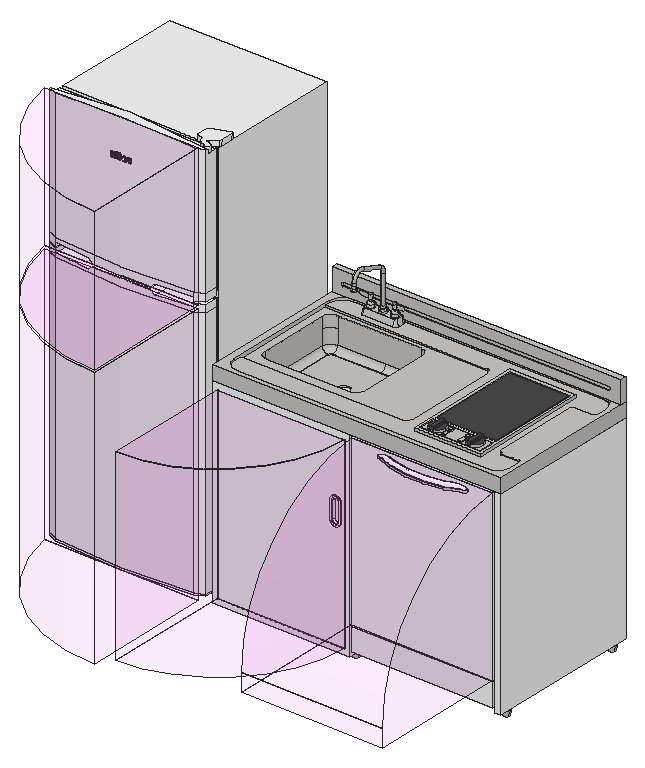
Revit family "QF_Summit_ACKDW751G_Kitchenette_with_Dishwasher_Refrigerator_Freezer", category Specialty Equipment, Revit 2020 (continued)
Definition of nested family "Summit_FF1427W"
  Forms (in)
    Extrusion 8, solid, visible <- "Show RHD"
      sketch origin (-6.66013, -180, 67.5) x (0, -1, 0) y (1, 0, 0)
        loop
          line (-157.66212, 29.22263) -> (-156.375, 29.22263)
      from 0 to 0.79984
    Extrusion 9, solid
      sketch origin (-6.66013, -180, 1.75) x (-1, 0, 0) y (0, -1, 0)
        loop
          line (-6.66013, -153.75) -> (-8.16013, -153.00214)
          arc (-8.16013, -153.00214) -> (-19.66013, -152.25) -> (-31.16013, -153.00214) r 88.29167
          line (-31.16013, -153.00214) -> (-32.66013, -153.75) -> (-32.66013, -155.75) -> (-6.66013, -155.75) -> (-6.66013, -153.75)
      from 0 to 0.25
    Extrusion 10, solid
      sketch origin (-240, 37.35563, 50.30697) x (0, 1, 0) y (-1, 0, 0)
        loop
          line (-37.60563, -242.6875) -> (-38.60563, -242.6875) -> (-38.60563, -243.1875) -> (-37.60563, -243.1875) -> (-37.60563, -242.6875)
        loop
          line (-37.60563, -262.8125) -> (-38.60563, -262.8125) -> (-38.60563, -263.3125) -> (-37.60563, -263.3125) -> (-37.60563, -262.8125)
      from 0 to -0.5
    Extrusion 11, solid
      sketch origin (-240, 37.35563, 38.30697) x (0, 1, 0) y (-1, 0, 0)
        loop
          line (-37.60563, -242.6875) -> (-38.60563, -242.6875) -> (-38.60563, -243.1875) -> (-37.60563, -243.1875) -> (-37.60563, -242.6875)
        loop
          line (-37.60563, -262.8125) -> (-38.60563, -262.8125) -> (-38.60563, -263.3125) -> (-37.60563, -263.3125) -> (-37.60563, -262.8125)
      from 0 to -0.5
    Extrusion 12, solid
      sketch origin (-240, 37.35563, 26.30697) x (0, 1, 0) y (-1, 0, 0)
        loop
          line (-37.60563, -242.6875) -> (-38.60563, -242.6875) -> (-38.60563, -243.1875) -> (-37.60563, -243.1875) -> (-37.60563, -242.6875)
        loop
          line (-37.60563, -262.8125) -> (-38.60563, -262.8125) -> (-38.60563, -263.3125) -> (-37.60563, -263.3125) -> (-37.60563, -262.8125)
      from 0 to -0.5
    Revolve 13, solid
      sketch origin (-240, -0.27893, 26.05697) x (-1, 0, 0) y (0, -1, 0)
        loop
          arc (-240.83422, 0.12732) -> (-240.86168, 0.19361) -> (-240.92797, 0.22107) r 0.09375
          line (-240.92797, 0.22107) -> (-265.07203, 0.22107)
          arc (-265.07203, 0.22107) -> (-265.13832, 0.19361) -> (-265.16578, 0.12732) r 0.09375
          line (-265.16578, 0.12732) -> (-240.83422, 0.12732)
        axis (-240.83422, 0.12732) -> (-265.16578, 0.12732)
      angle from 0 to 360
    Extrusion 14, solid, visible <- "Show RHD"
      sketch origin (0, 0, 45.625) x (-1, 0, 0) y (0, 1, 0)
        loop
          line (-0.34971, -27.75) -> (-26, -27.75) -> (-26, -49.5)
          arc (-26, -49.5) -> (-9.18483, -43.33053) -> (-0.34971, -27.75) r 26
      from 0 to -23.625
    Extrusion 15, solid, visible <- "Show RHD"
      sketch origin (-6.66013, -180, 1.75) x (0, -1, 0) y (-1, 0, 0)
        loop
          line (-152.25, -32.66013) -> (-130.5, -32.66013)
          arc (-130.5, -32.66013) -> (-136.66947, -15.84496) -> (-152.25, -7.00984) r 26
          line (-152.25, -7.00984) -> (-152.25, -32.66013)
      from 0 to -43.5
    Extrusion 16, solid
      sketch origin (0, -1.25, 2) x (1, 0, 0) y (0, 0, -1)
        loop
          circle (25.25, -8) r 0.25
      from 0 to 0.03125
    Revolve 17, solid
      sketch origin (-240, -22.03125, 7.03533) x (0, 0, 1) y (-1, 0, 0)
        loop
          line (-7.03533, -264.4) -> (-5.28533, -264.4) -> (-5.28533, -264.2125) -> (-5.79533, -264.2125) -> (-5.79533, -263.65) -> (-7.03533, -263.72363) -> (-7.03533, -264.4)
        axis (-7.03533, -264.4) -> (-5.28533, -264.4)
      angle from 0 to 360
    Revolve 18, solid
      sketch origin (-240, -2.84375, 7.03533) x (0, 0, 1) y (-1, 0, 0)
        loop
          line (-7.03533, -264.4) -> (-5.28533, -264.4) -> (-5.28533, -264.2125) -> (-5.79533, -264.2125) -> (-5.79533, -263.65) -> (-7.03533, -263.72363) -> (-7.03533, -264.4)
        axis (-7.03533, -264.4) -> (-5.28533, -264.4)
      angle from 0 to 360
    Extrusion 19, solid
      sketch origin (0, 0, 0) x (1, 0, 0) y (0, 1, 0)
        loop
          line (1.5, -1.25) -> (24.5, -1.25) -> (22.75, 0) -> (3.25, 0) -> (1.5, -1.25)
      from 1.75 to 16.5
    Revolve 20, solid
      sketch origin (-240, -0.27893, 38.05697) x (-1, 0, 0) y (0, -1, 0)
        loop
          arc (-240.83422, 0.12732) -> (-240.86168, 0.19361) -> (-240.92797, 0.22107) r 0.09375
          line (-240.92797, 0.22107) -> (-265.07203, 0.22107)
          arc (-265.07203, 0.22107) -> (-265.13832, 0.19361) -> (-265.16578, 0.12732) r 0.09375
          line (-265.16578, 0.12732) -> (-240.83422, 0.12732)
        axis (-240.83422, 0.12732) -> (-265.16578, 0.12732)
      angle from 0 to 360
    Revolve 21, solid
      sketch origin (-240, -0.27893, 50.05697) x (-1, 0, 0) y (0, -1, 0)
        loop
          arc (-240.83422, 0.12732) -> (-240.86168, 0.19361) -> (-240.92797, 0.22107) r 0.09375
          line (-240.92797, 0.22107) -> (-265.07203, 0.22107)
          arc (-265.07203, 0.22107) -> (-265.13832, 0.19361) -> (-265.16578, 0.12732) r 0.09375
          line (-265.16578, 0.12732) -> (-240.83422, 0.12732)
        axis (-240.83422, 0.12732) -> (-265.16578, 0.12732)
      angle from 0 to 360
    Extrusion 22, void
      sketch origin (-6.66013, -180, 67.5) x (0, -1, 0) y (1, 0, 0)
        loop
          line (-156, 32.66013) -> (-156, 6.66013) -> (-154, 6.66013) -> (-154, 32.66013) -> (-156, 32.66013)
      from 0 to 3.04281
    Extrusion 23, solid
      sketch origin (26, -23.625, 2) x (-1, 0, 0) y (0, 0, -1)
        loop
          line (25.6875, -0.3125) -> (0.3125, -0.3125) -> (0.3125, -42.9375) -> (25.6875, -42.9375) -> (25.6875, -0.3125)
        loop
          line (25.6875, -65.1875) -> (25.6875, -43.9375) -> (0.3125, -43.9375) -> (0.3125, -65.1875) -> (25.6875, -65.1875)
      from 0 to 0.625
    Revolve 24, solid
      sketch origin (-262.8, -22.03125, 7.03533) x (0, 0, 1) y (-1, 0, 0)
        loop
          line (-7.03533, -264.4) -> (-5.28533, -264.4) -> (-5.28533, -264.2125) -> (-5.79533, -264.2125) -> (-5.79533, -263.65) -> (-7.03533, -263.72363) -> (-7.03533, -264.4)
        axis (-7.03533, -264.4) -> (-5.28533, -264.4)
      angle from 0 to 360
    Revolve 25, solid
      sketch origin (-262.8, -2.84375, 7.03533) x (0, 0, 1) y (-1, 0, 0)
        loop
          line (-7.03533, -264.4) -> (-5.28533, -264.4) -> (-5.28533, -264.2125) -> (-5.79533, -264.2125) -> (-5.79533, -263.65) -> (-7.03533, -263.72363) -> (-7.03533, -264.4)
        axis (-7.03533, -264.4) -> (-5.28533, -264.4)
      angle from 0 to 360
    Extrusion 26, solid, visible <- "Show LHD"
      sketch origin (32.66013, -180, 67.5) x (0, -1, 0) y (1, 0, 0)
        loop
          line (-156.375, -29.22263) -> (-157.66212, -29.22263)
          arc (-157.66212, -29.22263) -> (-158.31114, -29.42637) -> (-158.74378, -29.9513) r 1.19485
          arc (-158.74378, -29.9513) -> (-159.24712, -31.07764) -> (-159.5, -32.28513) r 5.78094
          arc (-159.5, -32.28513) -> (-159.39017, -32.5503) -> (-159.125, -32.66013) r 0.375
          line (-159.125, -32.66013) -> (-157.00654, -32.66013)
          arc (-157.00654, -32.66013) -> (-156.88242, -32.63899) -> (-156.77228, -32.57796) r 0.375
          line (-156.77228, -32.57796) -> (-155.953, -31.38922)
          arc (-155.953, -31.38922) -> (-155.69489, -31.29128) -> (-155.50398, -31.4907) r 0.25
          line (-155.50398, -31.4907) -> (-155.24204, -32.12399)
          arc (-155.24204, -32.12399) -> (-154.44249, -32.42938) -> (-154.54401, -31.57953) r 0.5
          line (-154.54401, -31.57953) -> (-154.54401, -31.53513)
          arc (-154.54401, -31.53513) -> (-155.06269, -30.79078) -> (-155.77583, -30.22996) r 3.07812
          arc (-155.77583, -30.22996) -> (-155.92845, -30.09513) -> (-156.01465, -29.91063) r 0.5
          line (-156.01465, -29.91063) -> (-156.1317, -29.41515)
          arc (-156.1317, -29.41515) -> (-156.21987, -29.27658) -> (-156.375, -29.22263) r 0.25
      from 0 to 0.79984
    Extrusion 27, solid, visible <- "Show LHD"
      sketch origin (26, 0, 45.625) x (-1, 0, 0) y (0, 1, 0)
        loop
          arc (0.34971, -27.75) -> (9.18483, -43.33053) -> (26, -49.5) r 26
          line (26, -49.5) -> (26, -27.75) -> (0.34971, -27.75)
      from 0 to -23.625
    Extrusion 28, solid, visible <- "Show LHD"
      sketch origin (32.66013, -180, 1.75) x (0, 1, 0) y (1, 0, 0)
        loop
          line (152.25, -32.66013) -> (152.25, -7.00984)
          arc (152.25, -7.00984) -> (136.66947, -15.84496) -> (130.5, -32.66013) r 26
          line (130.5, -32.66013) -> (152.25, -32.66013)
      from 0 to -43.5
  Cuts and joins
    Extrusion 6 cuts Extrusion 5
    Extrusion 6 cuts Extrusion 4
    Extrusion 2, Extrusion 22 cuts Extrusion 1
  Lines and regions (in)
    symbolic lines, visible <- "Show RHD"
      curve 1: arc (5.5504, -39.55658, 0) -> (1.90178, -33.26092, 0) -> (0.14065, -26.20073, 0) r 26
      curve 2: line (26, -26.25, 0) -> (5.5504, -39.55658, 0)
      curve 5: line (26, -23.625, 0) -> (25.34139, -23.625, 0)
      curve 10: line (26, -24.25, 0) -> (24.625, -24.25, 0)
      curve 15: arc (25.625, -20.5, 0) -> (24.41751, -20.75288, 0) -> (23.29117, -21.25622, 0) r 5.78094
      curve 16: arc (26, -20.875, 0) -> (25.89017, -20.60983, 0) -> (25.625, -20.5, 0) r 0.375
      curve 17: arc (23.29117, -21.25622, 0) -> (22.76624, -21.68886, 0) -> (22.5625, -22.33788, 0) r 1.19485
      curve 18: line (22.5625, -22.33788, 0) -> (22.5625, -23.625, 0)
      curve 19: arc (22.5625, -23.625, 0) -> (22.61645, -23.78013, 0) -> (22.75502, -23.8683, 0) r 0.25
      curve 20: line (22.75502, -23.8683, 0) -> (23.2505, -23.98535, 0)
      curve 21: arc (23.2505, -23.98535, 0) -> (23.435, -24.07155, 0) -> (23.56983, -24.22417, 0) r 0.5
      curve 22: arc (23.56983, -24.22417, 0) -> (24.13065, -24.93731, 0) -> (24.875, -25.45599, 0) r 3.07812
      curve 23: arc (24.9194, -25.45599, 0) -> (25.76925, -25.55751, 0) -> (25.46386, -24.75796, 0) r 0.5
      curve 24: line (25.46386, -24.75796, 0) -> (24.83057, -24.49602, 0)
      curve 25: arc (24.83057, -24.49602, 0) -> (24.63115, -24.30511, 0) -> (24.72909, -24.047, 0) r 0.25
      curve 26: line (24.72909, -24.047, 0) -> (25.91783, -23.22772, 0)
      curve 27: arc (25.91783, -23.22772, 0) -> (25.97886, -23.11758, 0) -> (26, -22.99346, 0) r 0.375
      curve 28: line (22.5625, -23.625, 0) -> (0, -23.625, 0)
      curve 29: line (23.59597, -24.25, 0) -> (0, -24.25, 0)
    symbolic lines
      curve 3: line (0, -1.25, 0) -> (26, -1.25, 0)
      curve 4: line (0, -23.625, 0) -> (0, -1.25, 0)
      curve 6: line (26, -1.25, 0) -> (26, -23.625, 0)
      curve 7: arc (1.5, -26.99786, 0) -> (13, -27.75, 0) -> (24.5, -26.99786, 0) r 88.29167
      curve 8: line (0, -26.25, 0) -> (1.5, -26.99786, 0)
      curve 9: line (0, -24.25, 0) -> (0, -26.25, 0)
      curve 11: line (26, -26.25, 0) -> (26, -24.25, 0)
      curve 12: line (24.5, -26.99786, 0) -> (26, -26.25, 0)
      curve 13: line (0.3125, -23.625, 0) -> (0.3125, -24.25, 0)
      curve 14: line (25.6875, -24.25, 0) -> (25.6875, -23.625, 0)
      curve 30: line (2.6875, -0.25, 0) -> (3.1875, -0.25, 0)
      curve 31: line (2.6875, -1.25, 0) -> (2.6875, -0.25, 0)
      curve 32: line (3.1875, -0.25, 0) -> (3.1875, -1.25, 0)
      curve 33: line (22.8125, -0.25, 0) -> (22.8125, -1.25, 0)
      curve 34: line (23.3125, -0.25, 0) -> (22.8125, -0.25, 0)
      curve 35: line (23.3125, -1.25, 0) -> (23.3125, -0.25, 0)
      curve 36: line (24.5, -1.25, 0) -> (23.45046, -0.50033, 0)
      curve 37: line (22.75, 0, 0) -> (3.25, 0, 0)
      curve 38: line (3.25, 0, 0) -> (2.9, -0.25, 0)
      curve 39: line (0.92802, -0.31264, 0) -> (2.6875, -0.31264, 0)
      curve 40: line (25.07503, -0.50033, 0) -> (23.3125, -0.50033, 0)
      curve 41: arc (0.92802, -0.50033, 0) -> (0.83418, -0.40648, 0) -> (0.92802, -0.31264, 0) r 0.09384
      curve 42: line (2.54954, -0.50033, 0) -> (1.5, -1.25, 0)
      curve 43: line (3.1875, -0.31264, 0) -> (22.8125, -0.31264, 0)
      curve 44: line (2.6875, -0.50033, 0) -> (0.92802, -0.50033, 0)
      curve 45: line (23.3125, -0.31264, 0) -> (25.07503, -0.31264, 0)
      curve 46: line (22.8125, -0.50033, 0) -> (3.1875, -0.50033, 0)
      curve 47: line (23.1, -0.25, 0) -> (22.75, 0, 0)
      curve 48: arc (25.07503, -0.31264, 0) -> (25.16887, -0.40648, 0) -> (25.07503, -0.50033, 0) r 0.09384
    symbolic lines, visible <- "Show LHD"
      curve 49: arc (20.4496, -39.55658, 0) -> (24.09822, -33.26092, 0) -> (25.85935, -26.20073, 0) r 26
      curve 50: line (0, -26.25, 0) -> (20.4496, -39.55658, 0)
      curve 51: arc (0.375, -20.5, 0) -> (1.58249, -20.75288, 0) -> (2.70883, -21.25622, 0) r 5.78094
      curve 52: arc (0, -20.875, 0) -> (0.10983, -20.60983, 0) -> (0.375, -20.5, 0) r 0.375
      curve 53: arc (2.70883, -21.25622, 0) -> (3.23376, -21.68886, 0) -> (3.4375, -22.33788, 0) r 1.19485
      curve 54: line (3.4375, -22.33788, 0) -> (3.4375, -23.625, 0)
      curve 55: arc (3.4375, -23.625, 0) -> (3.38355, -23.78013, 0) -> (3.24498, -23.8683, 0) r 0.25
      curve 56: line (3.24498, -23.8683, 0) -> (2.7495, -23.98535, 0)
      curve 57: arc (2.7495, -23.98535, 0) -> (2.565, -24.07155, 0) -> (2.43017, -24.22417, 0) r 0.5
      curve 58: arc (2.43017, -24.22417, 0) -> (1.86935, -24.93731, 0) -> (1.125, -25.45599, 0) r 3.07812
      curve 59: arc (1.0806, -25.45599, 0) -> (0.23075, -25.55751, 0) -> (0.53614, -24.75796, 0) r 0.5
      curve 60: line (0.53614, -24.75796, 0) -> (1.16943, -24.49602, 0)
      curve 61: arc (1.16943, -24.49602, 0) -> (1.36885, -24.30511, 0) -> (1.27091, -24.047, 0) r 0.25
      curve 62: line (1.27091, -24.047, 0) -> (0.08217, -23.22772, 0)
      curve 63: arc (0.08217, -23.22772, 0) -> (0.02114, -23.11758, 0) -> (0, -22.99346, 0) r 0.375
      curve 64: line (0, -23.625, 0) -> (0.65861, -23.625, 0)
      curve 65: line (0, -24.25, 0) -> (1.375, -24.25, 0)
      curve 66: line (3.4375, -23.625, 0) -> (26, -23.625, 0)
      curve 67: line (2.40403, -24.25, 0) -> (26, -24.25, 0)
  Dimensions and locks (in)
    equal spacing: plane 3 "LEFT", plane 7 "Center Y", plane 4 "RIGHT"
    "Length": plane 3 "LEFT" to plane 4 "RIGHT"
    equal spacing: plane 5 "FRONT", plane 8 "Center X", plane 1 "BACK"
    "Depth": plane 5 "FRONT" to plane 1 "BACK"
    "Height": plane 6 "TOP" to level
    plane 1 "BACK" to plane 9 = 49 1/2"
    plane 10 to level = 1 3/4"
    aligned and locked: level to plane 2
  Automatic sketch dimensions
    curve 28 to plane 3 "LEFT" = 0"
    curve 50 to plane 3 "LEFT" = 0"
    curve 49 to plane 3 "LEFT" = 0"
    plane 1 "BACK" to curve 37 = 0"
    curve 7 to plane 7 "Center Y" = 0"
    curve 12 to plane 4 "RIGHT" = 0"
    curve 66 to plane 4 "RIGHT" = 0"
    curve 1 to plane 4 "RIGHT" = 0"
    curve 51 to plane 3 "LEFT" = 0.19947"
    curve 58 to plane 3 "LEFT" = 0.24339"
    plane 3 "LEFT" to curve 62 = 0.08217"
    curve 62 to curve 63 = 0.29283"
    plane 3 "LEFT" to curve 52 = 3/8"
    plane 3 "LEFT" to curve 60 = 0.53614"
    curve 59 to curve 59 = 0.08886"
    plane 3 "LEFT" to curve 44 = 0.92802"
    curve 60 to curve 61 = 0.58886"
    curve 61 to curve 60 = 0.04443"
    curve 61 to curve 62 = 0.14591"
    curve 8 to plane 5 "FRONT" = 0.75214"
    plane 3 "LEFT" to curve 8 = 1 1/2"
    curve 61 to curve 53 = 0.97188"
    plane 1 "BACK" to curve 30 = 1/4"
    curve 39 to curve 30 = 1.75948"
    curve 62 to curve 56 = 1.47859"
    curve 56 to curve 57 = 0.11495"
    curve 30 to curve 32 = 1/2"
    curve 57 to curve 55 = 0.438"
    curve 55 to curve 56 = 0.05748"
    curve 30 to curve 37 = 1/16"
    curve 53 to curve 54 = 1.1947"
    plane 3 "LEFT" to curve 2 = 5.5504"
    plane 4 "RIGHT" to curve 50 = 5.5504"
    plane 4 "RIGHT" to curve 28 = 3 7/16"
    plane 4 "RIGHT" to curve 37 = 3 1/4"
    curve 18 to curve 20 = 0.19252"
    curve 18 to curve 19 = 1/4"
    curve 37 to curve 34 = 1/16"
    curve 20 to curve 21 = 0.38052"
    curve 21 to curve 20 = 0.11495"
    curve 33 to curve 35 = 1/2"
    curve 17 to curve 17 = 1.1947"
    curve 12 to plane 5 "FRONT" = 0.75214"
    plane 4 "RIGHT" to curve 26 = 1.27091"
    curve 25 to curve 24 = 0.10148"
    curve 25 to curve 25 = 0.14591"
    plane 1 "BACK" to curve 40 = 0.50033"
    plane 4 "RIGHT" to curve 40 = 0.92497"
    plane 4 "RIGHT" to curve 23 = 5/8"
    curve 23 to curve 24 = 0.08886"
    curve 27 to curve 27 = 3/8"
    curve 16 to curve 16 = 3/8"
    plane 4 "RIGHT" to curve 26 = 0.08217"
    curve 15 to plane 4 "RIGHT" = 0.19947"
    curve 22 to plane 4 "RIGHT" = 0.24339"
    plane 9 to curve 2 = 9.94342"
    plane 9 to curve 50 = 9.94342"
    curve 51 to plane 5 "FRONT" = 1.49767"
    curve 15 to plane 5 "FRONT" = 1.49767"
    curve 15 to curve 12 = 0.00233"
    curve 51 to curve 9 = 0.00233"
    curve 2 to curve 23 = 1"
    curve 8 to curve 59 = 1"
    curve 23 to curve 24 = 0.49204"
    curve 59 to curve 60 = 0.49204"
    curve 23 to curve 24 = 0.26194"
    curve 60 to curve 60 = 0.26194"
    curve 24 to curve 21 = 0.02406"
    curve 60 to curve 57 = 0.02406"
    curve 59 to curve 65 = 0.50796"
    curve 60 to curve 61 = 0.24602"
    curve 25 to curve 25 = 0.24602"
    curve 24 to curve 67 = 0.50796"
    curve 29 to curve 20 = 0.26465"
    curve 67 to curve 56 = 0.26465"
    curve 20 to curve 20 = 0.11705"
    curve 56 to curve 56 = 0.11705"
    curve 5 to curve 1 = 1/8"
    curve 4 to curve 49 = 1/8"
    curve 49 to curve 62 = 0.27228"
    curve 1 to curve 26 = 0.27228"
    curve 27 to curve 22 = 0.29471"
    curve 63 to curve 58 = 0.29471"
    curve 19 to curve 17 = 1.26856"
    curve 55 to curve 53 = 1.26856"
    curve 17 to curve 18 = 0.01856"
    curve 53 to curve 54 = 0.01856"
    curve 58 to curve 52 = 1.82375"
    curve 22 to curve 16 = 1.82375"
    plane 1 "BACK" to curve 4 = 1 1/4"
    plane 1 "BACK" to curve 44 = 0.50033"
    curve 40 to curve 48 = 0.09384"
    curve 41 to curve 41 = 0.09384"
    plane 1 "BACK" to curve 33 = 1/4"
    curve 7 to plane 1 "BACK" = 60.54167"
    plane 3 "LEFT" to curve 1 = 0.14065"
    plane 3 "LEFT" to curve 13 = 5/16"
    curve 59 to curve 59 = 0.4556"
    curve 59 to curve 58 = 0.0444"
    curve 41 to curve 42 = 0.57198"
    curve 67 to curve 57 = 0.02613"
    curve 58 to curve 57 = 0"
    curve 42 to curve 44 = 0.13796"
    curve 30 to curve 38 = 0.2125"
    curve 47 to curve 34 = 0.2125"
    curve 40 to curve 36 = 0.13796"
    curve 22 to curve 21 = 0"
    curve 21 to curve 29 = 0.02613"
    curve 36 to curve 48 = 0.57503"
    curve 22 to curve 23 = 1/2"
    curve 22 to curve 23 = 0.0444"
    plane 4 "RIGHT" to curve 14 = 5/16"
    plane 4 "RIGHT" to curve 49 = 0.14065"
    curve 46 to curve 30 = 0.25033"
    curve 43 to curve 33 = 0.06264"
    Extrusion 1 sketch curve to plane 3 "LEFT" = 0"
    Extrusion 1 sketch curve to plane 7 "Center Y" = 0"
    Extrusion 1 sketch curve to plane 4 "RIGHT" = 0"
    Extrusion 1 sketch curve to plane 5 "FRONT" = 0.75214"  (x2)
    plane 3 "LEFT" to Extrusion 1 sketch curve = 1 1/2"
    Extrusion 1 sketch curve to plane 5 "FRONT" = 1 1/2"  (x2)
    Extrusion 1 sketch curve to Extrusion 1 sketch curve = 2"
    Extrusion 1 sketch curve to plane 1 "BACK" = 60.54167"
    Extrusion 2 sketch curve to plane 3 "LEFT" = 0"
    plane 7 "Center Y" to Extrusion 2 sketch curve = 0"
    plane 4 "RIGHT" to Extrusion 2 sketch curve = 0"
    Extrusion 2 sketch curve to level = 15.67762"
    Extrusion 2 sketch curve to plane 6 "TOP" = 1.00086"
    plane 6 "TOP" to Extrusion 2 sketch curve = 2.26401"
    Extrusion 3 sketch curve to plane 4 "RIGHT" = 0"
    Extrusion 3 sketch curve to plane 7 "Center Y" = 0"
    Extrusion 3 sketch curve to plane 3 "LEFT" = 0"
    Extrusion 3 sketch curve to plane 5 "FRONT" = 0.75214"  (x2)
    plane 4 "RIGHT" to Extrusion 3 sketch curve = 1 1/2"
    Extrusion 3 sketch curve to plane 5 "FRONT" = 1 1/2"  (x2)
    Extrusion 3 sketch curve to Extrusion 3 sketch curve = 2"
    Extrusion 3 sketch curve to plane 1 "BACK" = 60.54167"
    Extrusion 4 sketch curve to Extrusion 3 = 0"  (x5)
    Extrusion 3 to Extrusion 4 sketch curve = 0"  (x2)
    Extrusion 5 sketch curve to Extrusion 1 = 0"  (x6)
    Extrusion 1 to Extrusion 5 sketch curve = 0"
    plane 3 "LEFT" to Extrusion 6 sketch curve = 1 1/2"
    Extrusion 6 sketch curve to Extrusion 6 sketch curve = 0"  (x6)
    Extrusion 6 sketch curve to plane 7 "Center Y" = 5 1/2"
    Extrusion 6 sketch curve to Extrusion 6 sketch curve = 3/4"  (x3)
    plane 7 "Center Y" to Extrusion 6 sketch curve = 4 3/4"
    plane 4 "RIGHT" to Extrusion 6 sketch curve = 1 1/2"
    Extrusion 6 sketch curve to plane 6 "TOP" = 24 5/8"
    Extrusion 6 sketch curve to Extrusion 6 sketch curve = 5/8"  (x4)
    Extrusion 6 sketch curve to Extrusion 6 sketch curve = 3/8"  (x2)
    Extrusion 7 sketch curve to Extrusion 3 = 0"  (x2)
    Extrusion 7 sketch curve to Extrusion 3 = 23"
    Extrusion 7 sketch curve to Extrusion 3 = 5/8"
    Extrusion 8 sketch curve to Extrusion 7 = 0"
    Extrusion 7 to Extrusion 8 sketch curve = 0"
    Extrusion 8 sketch curve to Extrusion 7 = 0.08217"
    Extrusion 8 sketch curve to Extrusion 7 = 0.39728"
    Extrusion 8 sketch curve to Extrusion 8 sketch curve = 0.23426"
    Extrusion 8 sketch curve to Extrusion 8 sketch curve = 0.29471"
    Extrusion 8 sketch curve to Extrusion 7 = 1.26856"
    Extrusion 8 sketch curve to Extrusion 8 sketch curve = 0.01856"
    Extrusion 8 sketch curve to Extrusion 8 sketch curve = 1.82375"
    Extrusion 7 to Extrusion 8 sketch curve = 0.2433"
    Extrusion 7 to Extrusion 8 sketch curve = 0.36035"
    Extrusion 7 to Extrusion 8 sketch curve = 0.422"
    Extrusion 8 sketch curve to Extrusion 8 sketch curve = 0.203"
    Extrusion 8 sketch curve to Extrusion 8 sketch curve = 0.48661"
    Extrusion 8 sketch curve to Extrusion 8 sketch curve = 0.24602"
    Extrusion 8 sketch curve to Extrusion 7 = 0.53614"
    Extrusion 8 sketch curve to Extrusion 8 sketch curve = 0.26194"
    Extrusion 8 sketch curve to Extrusion 8 sketch curve = 0.49204"
    Extrusion 8 sketch curve to Extrusion 8 sketch curve = 0.20599"
    Extrusion 7 to Extrusion 8 sketch curve = 0.19947"
    Extrusion 8 sketch curve to Extrusion 8 sketch curve = 1.00233"
    Extrusion 8 sketch curve to Extrusion 8 sketch curve = 0.08886"
    Extrusion 8 sketch curve to Extrusion 8 sketch curve = 0.58886"
    Extrusion 8 sketch curve to Extrusion 8 sketch curve = 0.0444"
    Extrusion 8 sketch curve to Extrusion 8 sketch curve = 0.04443"
    Extrusion 8 sketch curve to Extrusion 8 sketch curve = 0.97188"
    Extrusion 8 sketch curve to Extrusion 8 sketch curve = 1.47859"
    Extrusion 8 sketch curve to Extrusion 8 sketch curve = 0.11495"
    Extrusion 8 sketch curve to Extrusion 8 sketch curve = 0.438"
    Extrusion 8 sketch curve to Extrusion 8 sketch curve = 0.05748"
    Extrusion 8 sketch curve to Extrusion 8 sketch curve = 3/8"
    Extrusion 7 to Extrusion 8 sketch curve = 0.24339"
    Extrusion 9 sketch curve to plane 4 "RIGHT" = 0"
    Extrusion 9 sketch curve to plane 7 "Center Y" = 0"
    Extrusion 9 sketch curve to plane 3 "LEFT" = 0"
    plane 4 "RIGHT" to Extrusion 9 sketch curve = 1 1/2"
    Extrusion 9 sketch curve to plane 5 "FRONT" = 0.75214"
    plane 3 "LEFT" to Extrusion 9 sketch curve = 1 1/2"
    Extrusion 9 sketch curve to plane 5 "FRONT" = 1 1/2"  (x2)
    Extrusion 9 sketch curve to Extrusion 9 sketch curve = 2"
    Extrusion 9 sketch curve to plane 1 "BACK" = 60.54167"
    plane 1 "BACK" to Extrusion 10 sketch curve = 1 1/4"  (x2)
    plane 1 "BACK" to Extrusion 10 sketch curve = 1/4"  (x2)
    plane 4 "RIGHT" to Extrusion 10 sketch curve = 2 11/16"
    Extrusion 10 sketch curve to Extrusion 10 sketch curve = 1/2"  (x2)
    plane 3 "LEFT" to Extrusion 10 sketch curve = 3 3/16"
    plane 1 "BACK" to Extrusion 11 sketch curve = 1 1/4"  (x2)
    plane 1 "BACK" to Extrusion 11 sketch curve = 1/4"  (x2)
    plane 4 "RIGHT" to Extrusion 11 sketch curve = 2 11/16"
    Extrusion 11 sketch curve to Extrusion 11 sketch curve = 1/2"  (x2)
    plane 3 "LEFT" to Extrusion 11 sketch curve = 3 3/16"
    plane 1 "BACK" to Extrusion 12 sketch curve = 1 1/4"  (x2)
    plane 1 "BACK" to Extrusion 12 sketch curve = 1/4"  (x2)
    plane 4 "RIGHT" to Extrusion 12 sketch curve = 2 11/16"
    Extrusion 12 sketch curve to Extrusion 12 sketch curve = 1/2"  (x2)
    plane 3 "LEFT" to Extrusion 12 sketch curve = 3 3/16"
    plane 4 "RIGHT" to Revolve 13 sketch curve = 0.83422"
    Revolve 13 sketch curve to Revolve 13 sketch curve = 3/32"
    plane 3 "LEFT" to Revolve 13 sketch curve = 0.92797"
    plane 1 "BACK" to Revolve 13 sketch curve = 13/32"
    Revolve 13 sketch curve to Revolve 13 sketch curve = 0"  (x2)
    Revolve 13 sketch curve to Revolve 13 sketch curve = 0.19383"
    Extrusion 14 sketch curve to Extrusion 5 = 0"
    Extrusion 5 to Extrusion 14 sketch curve = 0.34971"
    Extrusion 14 sketch curve to Extrusion 5 = 3/4"
    Extrusion 5 to Extrusion 14 sketch curve = 3 1/2"
    Extrusion 15 sketch curve to Extrusion 9 = 0"
    Extrusion 15 sketch curve to Extrusion 9 = 3/4"
    Extrusion 9 to Extrusion 15 sketch curve = 0.34971"
    Extrusion 9 to Extrusion 15 sketch curve = 3 1/2"
    Extrusion 16 sketch curve to Extrusion 7 = 3/4"
    Extrusion 7 to Extrusion 16 sketch curve = 8 1/4"
    Revolve 17 sketch curve to level = 0"  (x2)
    Revolve 17 sketch curve to plane 10 = 0"
    Revolve 17 sketch curve to plane 10 = 0.51"
    plane 4 "RIGHT" to Revolve 17 sketch curve = 1.6"
    Revolve 17 sketch curve to Revolve 17 sketch curve = 3/16"
    Revolve 17 sketch curve to Revolve 17 sketch curve = 0.67637"
    Revolve 17 sketch curve to Revolve 17 sketch curve = 9/16"
    Revolve 17 sketch curve to Revolve 17 sketch curve = 0.0631"
    Revolve 17 sketch curve to Revolve 17 sketch curve = 0"
    Revolve 18 sketch curve to level = 0"  (x2)
    Revolve 18 sketch curve to plane 10 = 0"
    Revolve 18 sketch curve to plane 10 = 0.51"
    plane 4 "RIGHT" to Revolve 18 sketch curve = 1.6"
    Revolve 18 sketch curve to Revolve 18 sketch curve = 3/16"
    Revolve 18 sketch curve to Revolve 18 sketch curve = 0.67637"
    Revolve 18 sketch curve to Revolve 18 sketch curve = 9/16"
    Revolve 18 sketch curve to Revolve 18 sketch curve = 0.0631"
    Revolve 18 sketch curve to Revolve 18 sketch curve = 0"
    plane 1 "BACK" to Extrusion 19 sketch curve = 0"
    plane 3 "LEFT" to Extrusion 19 sketch curve = 1 1/2"
    Extrusion 19 sketch curve to Extrusion 19 sketch curve = 1 3/4"
    plane 4 "RIGHT" to Extrusion 19 sketch curve = 3 1/4"
    plane 4 "RIGHT" to Extrusion 19 sketch curve = 1 1/2"
    plane 1 "BACK" to Extrusion 19 sketch curve = 1 1/4"
    plane 4 "RIGHT" to Revolve 20 sketch curve = 0.83422"
    Revolve 20 sketch curve to Revolve 20 sketch curve = 3/32"
    plane 3 "LEFT" to Revolve 20 sketch curve = 0.92797"
    plane 1 "BACK" to Revolve 20 sketch curve = 13/32"
    Revolve 20 sketch curve to Revolve 20 sketch curve = 0"  (x2)
    Revolve 20 sketch curve to Revolve 20 sketch curve = 0.19383"
    plane 4 "RIGHT" to Revolve 21 sketch curve = 0.83422"
    Revolve 21 sketch curve to Revolve 21 sketch curve = 3/32"
    plane 3 "LEFT" to Revolve 21 sketch curve = 0.92797"
    plane 1 "BACK" to Revolve 21 sketch curve = 13/32"
    Revolve 21 sketch curve to Revolve 21 sketch curve = 0"  (x2)
    Revolve 21 sketch curve to Revolve 21 sketch curve = 0.19383"
    Extrusion 22 sketch curve to Extrusion 7 = 0"  (x2)
    Extrusion 7 to Extrusion 22 sketch curve = 3/8"
    Extrusion 22 sketch curve to Extrusion 22 sketch curve = 2"
    Extrusion 23 sketch curve to Extrusion 7 = 5/16"  (x2)
    Extrusion 7 to Extrusion 23 sketch curve = 5/16"  (x3)
    Extrusion 23 sketch curve to Extrusion 23 sketch curve = 21 1/4"
    Extrusion 23 sketch curve to Extrusion 23 sketch curve = 1"
    Extrusion 7 to Extrusion 23 sketch curve = 9/16"
    Revolve 24 sketch curve to level = 0"  (x2)
    Revolve 24 sketch curve to plane 10 = 0"
    Revolve 24 sketch curve to plane 10 = 0.51"
    plane 3 "LEFT" to Revolve 24 sketch curve = 1.6"
    Revolve 24 sketch curve to Revolve 24 sketch curve = 3/16"
    Revolve 24 sketch curve to Revolve 24 sketch curve = 0.67637"
    Revolve 24 sketch curve to Revolve 24 sketch curve = 9/16"
    Revolve 24 sketch curve to Revolve 24 sketch curve = 0.0631"
    Revolve 24 sketch curve to Revolve 24 sketch curve = 0"
    Revolve 25 sketch curve to level = 0"  (x2)
    Revolve 25 sketch curve to plane 10 = 0"
    Revolve 25 sketch curve to plane 10 = 0.51"
    plane 3 "LEFT" to Revolve 25 sketch curve = 1.6"
    Revolve 25 sketch curve to Revolve 25 sketch curve = 3/16"
    Revolve 25 sketch curve to Revolve 25 sketch curve = 0.67637"
    Revolve 25 sketch curve to Revolve 25 sketch curve = 9/16"
    Revolve 25 sketch curve to Revolve 25 sketch curve = 0.0631"
    Revolve 25 sketch curve to Revolve 25 sketch curve = 0"
    Extrusion 26 sketch curve to Extrusion 7 = 0"
    Extrusion 7 to Extrusion 26 sketch curve = 0"
    Extrusion 26 sketch curve to Extrusion 7 = 0.08217"
    Extrusion 26 sketch curve to Extrusion 7 = 0.39728"
    Extrusion 26 sketch curve to Extrusion 26 sketch curve = 0.23426"
    Extrusion 26 sketch curve to Extrusion 26 sketch curve = 0.29471"
    Extrusion 26 sketch curve to Extrusion 7 = 1.26856"
    Extrusion 26 sketch curve to Extrusion 26 sketch curve = 0.01856"
    Extrusion 26 sketch curve to Extrusion 26 sketch curve = 1.82375"
    Extrusion 7 to Extrusion 26 sketch curve = 0.2433"
    Extrusion 7 to Extrusion 26 sketch curve = 0.36035"
    Extrusion 7 to Extrusion 26 sketch curve = 0.422"
    Extrusion 26 sketch curve to Extrusion 26 sketch curve = 0.203"
    Extrusion 26 sketch curve to Extrusion 26 sketch curve = 0.48661"
    Extrusion 26 sketch curve to Extrusion 26 sketch curve = 0.24602"
    Extrusion 26 sketch curve to Extrusion 7 = 0.53614"
    Extrusion 26 sketch curve to Extrusion 26 sketch curve = 0.26194"
    Extrusion 26 sketch curve to Extrusion 26 sketch curve = 0.49204"
    Extrusion 26 sketch curve to Extrusion 26 sketch curve = 0.20599"
    Extrusion 7 to Extrusion 26 sketch curve = 0.19947"
    Extrusion 26 sketch curve to Extrusion 26 sketch curve = 1.00233"
    Extrusion 7 to Extrusion 26 sketch curve = 0.24339"
    Extrusion 26 sketch curve to Extrusion 7 = 3/8"
    Extrusion 26 sketch curve to Extrusion 26 sketch curve = 0.08886"
    Extrusion 26 sketch curve to Extrusion 26 sketch curve = 0.58886"
    Extrusion 26 sketch curve to Extrusion 26 sketch curve = 0.0444"
    Extrusion 26 sketch curve to Extrusion 26 sketch curve = 0.04443"
    Extrusion 26 sketch curve to Extrusion 26 sketch curve = 0.97188"
    Extrusion 26 sketch curve to Extrusion 26 sketch curve = 1.47859"
    Extrusion 26 sketch curve to Extrusion 26 sketch curve = 0.11495"
    Extrusion 26 sketch curve to Extrusion 26 sketch curve = 0.438"
    Extrusion 26 sketch curve to Extrusion 26 sketch curve = 0.05748"
    Extrusion 27 sketch curve to Extrusion 5 = 0"
    Extrusion 5 to Extrusion 27 sketch curve = 0.34971"
    Extrusion 27 sketch curve to Extrusion 5 = 3/4"
    Extrusion 5 to Extrusion 27 sketch curve = 3 1/2"
    Extrusion 28 sketch curve to Extrusion 9 = 0"
    Extrusion 9 to Extrusion 28 sketch curve = 25 1/4"
    Extrusion 9 to Extrusion 28 sketch curve = 3 1/2"
    Extrusion 28 sketch curve to Extrusion 9 = 3/4"
    radius of Extrusion 4 sketch curve to Extrusion 3 = 0"
    radius of Extrusion 5 sketch curve to Extrusion 1 = 0"
    radius of Extrusion 16 sketch curve = 1/4"
  Nested families (in)
    nested 1: "QF_LOGO_SUMMIT" at (11.28372, -27.75, 62.88213), type "QF_LOGO_SUMMIT"
      with Show Logo yes
  Definition of nested family "QF_LOGO_SUMMIT"
    Parameters (values of type "QF_LOGO_SUMMIT")
      Show Logo [instance] = yes
      Default Elevation = 0"
    Reference planes (in)
      plane 1 "Center (Front/Back)": y = 0
      plane 2: z = 0
      plane 3 "Center (Left/Right)": x = 0
      plane 4: x = 1.72603
    Forms (in)
      Extrusion 1, solid
        sketch origin (-11.16229, 0.625, -2.89667) x (1, 0, 0) y (0, 0, -1)
          loop
            line (11.47787, -3.03897) -> (11.47787, -3.18068) -> (11.2411, -3.18068) -> (11.2411, -3.60532) -> (11.63555, -3.69212) -> (11.63555, -3.44494) -> (11.49851, -3.44494) -> (11.47737, -3.48529) -> (11.41852, -3.4847) -> (11.41852, -3.34299) -> (11.63555, -3.34299) -> (11.63555, -2.91649) -> (11.2411, -2.91649) -> (11.2411, -3.07874) -> (11.39788, -3.07874) -> (11.41903, -3.03839) -> (11.47787, -3.03897)
          loop
            line (11.73022, -2.91649) -> (11.73022, -3.71295) -> (11.89213, -3.74858) -> (11.89213, -3.14119) -> (11.97076, -3.14119) -> (11.97076, -3.76588) -> (12.12593, -3.80003) -> (12.12593, -2.91649) -> (11.73022, -2.91649)
          loop
            line (12.22795, -2.91649) -> (12.22795, -3.82675) -> (12.42218, -3.86949) -> (12.54348, -3.38385) -> (12.66208, -3.92228) -> (12.83954, -3.96133) -> (12.83954, -2.91649) -> (12.68166, -2.91649) -> (12.68166, -3.26138) -> (12.58261, -2.91649) -> (12.50318, -2.91649) -> (12.40552, -3.14057) -> (12.40552, -2.91649) -> (12.22795, -2.91649)
          loop
            line (12.93793, -2.91649) -> (12.93793, -3.96561) -> (13.13482, -3.92228) -> (13.25343, -3.38385) -> (13.37473, -3.86949) -> (13.56896, -3.82675) -> (13.56896, -2.91649) -> (13.39139, -2.91649) -> (13.39139, -3.14057) -> (13.29372, -2.91649) -> (13.2143, -2.91649) -> (13.11525, -3.26138) -> (13.11525, -2.91649) -> (12.93793, -2.91649)
          loop
            line (13.66715, -2.91649) -> (13.66715, -3.80514) -> (13.88471, -3.75727) -> (13.88471, -2.91649) -> (13.66715, -2.91649)
          loop
            line (13.98287, -3.5221) -> (13.98287, -3.73567) -> (14.516, -3.61836) -> (14.516, -3.40479) -> (14.3382, -3.44392) -> (14.3382, -2.91649) -> (14.14108, -2.91649) -> (14.14108, -3.48729) -> (13.98287, -3.5221)
        from -0.63712 to -0.625
      Extrusion 2, solid
        sketch origin (-11.16229, 0.625, -2.89667) x (1, 0, 0) y (0, 0, -1)
          loop
            line (12.88832, -4.03474) -> (14.59485, -3.66145) -> (14.59485, -2.89667) -> (11.16229, -2.89667) -> (11.16229, -3.64842) -> (12.88832, -4.03474)
          loop
            line (11.2411, -3.60532) -> (11.63555, -3.69212) -> (11.63555, -3.44494) -> (11.49851, -3.44494) -> (11.47737, -3.48529) -> (11.41852, -3.4847) -> (11.41852, -3.34299) -> (11.63555, -3.34299) -> (11.63555, -2.91649) -> (11.2411, -2.91649) -> (11.2411, -3.07874) -> (11.39788, -3.07874) -> (11.41903, -3.03839) -> (11.47787, -3.03897) -> (11.47787, -3.18068) -> (11.2411, -3.18068) -> (11.2411, -3.60532)
          loop
            line (11.73022, -3.71295) -> (11.89213, -3.74858) -> (11.89213, -3.14119) -> (11.97076, -3.14119) -> (11.97076, -3.76588) -> (12.12593, -3.80003) -> (12.12593, -2.91649) -> (11.73022, -2.91649) -> (11.73022, -3.71295)
          loop
            line (12.22795, -3.82675) -> (12.42218, -3.86949) -> (12.54348, -3.38385) -> (12.66208, -3.92228) -> (12.83954, -3.96133) -> (12.83954, -2.91649) -> (12.68166, -2.91649) -> (12.68166, -3.26138) -> (12.58261, -2.91649) -> (12.50318, -2.91649) -> (12.40552, -3.14057) -> (12.40552, -2.91649) -> (12.22795, -2.91649) -> (12.22795, -3.82675)
          loop
            line (12.93793, -3.96561) -> (13.13482, -3.92228) -> (13.25343, -3.38385) -> (13.37473, -3.86949) -> (13.56896, -3.82675) -> (13.56896, -2.91649) -> (13.39139, -2.91649) -> (13.39139, -3.14057) -> (13.29372, -2.91649) -> (13.2143, -2.91649) -> (13.11525, -3.26138) -> (13.11525, -2.91649) -> (12.93793, -2.91649) -> (12.93793, -3.96561)
          loop
            line (13.66715, -3.80514) -> (13.88471, -3.75727) -> (13.88471, -2.91649) -> (13.66715, -2.91649) -> (13.66715, -3.80514)
          loop
            line (13.98287, -3.73567) -> (14.516, -3.61836) -> (14.516, -3.40479) -> (14.3382, -3.44392) -> (14.3382, -2.91649) -> (14.14108, -2.91649) -> (14.14108, -3.48729) -> (13.98287, -3.5221) -> (13.98287, -3.73567)
        from -0.625 to -0.63712
    Dimensions and locks (in)
      plane 3 "Center (Left/Right)" to plane 4 = 1.72603"
      aligned and locked: level to plane 2
      aligned and locked: Extrusion 1 to Extrusion 2
